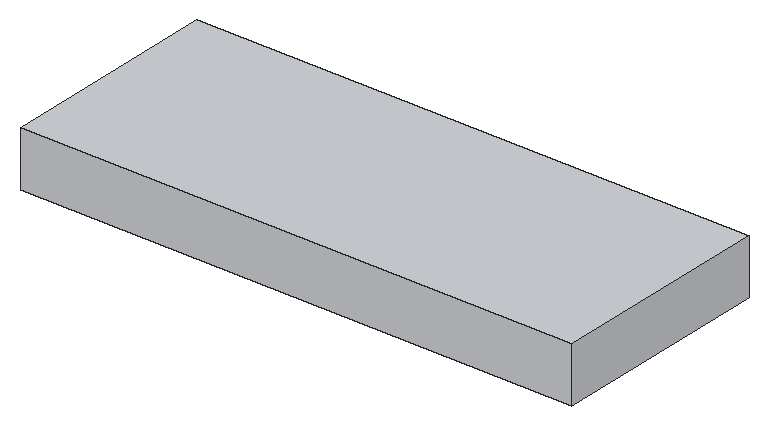
Revit family "電線管用ファミリ(片側のみ)_20", category Electrical Fixtures, Revit 2021
Family settings
  Maintain Annotation Orientation = No
  Round Connector Dimension = Use Diameter
  Part Type = Normal
  OmniClass Number = 23.80.00.00
  OmniClass Title = Electric Power and Lighting
  Work Plane-Based = No
  Always vertical = Yes
  Cut with Voids When Loaded = No
  Shared = No
  Room Calculation Point = No
Parameters
  コネクタ直径 [instance] = 16 mm
  W [instance] = 500 mm
  Default Elevation = 0 mm
  D [instance] = 200 mm
Reference planes
  plane 1 "Center (Front/Back)": y = 0
  plane 2: z = 0
  plane 3 "Center (Left/Right)": x = 0
  plane 4: x = -250
  plane 5: x = 250
  plane 6: y = 100
  plane 7: y = -100
  plane 8: z = 50
Forms (mm)
  Extrusion 1, solid
    sketch origin (0, 0, 0) x (1, 0, 0) y (0, 1, 0)
      loop
        line (-250, 100) -> (-250, -100) -> (250, -100) -> (250, 100) -> (-250, 100)
    from 0 to 50
Dimensions and locks
  equal spacing: plane 4, plane 3 "Center (Left/Right)", plane 5
  "W": plane 4 to plane 5
  equal spacing: plane 6, plane 1 "Center (Front/Back)", plane 7
  "D": plane 6 to plane 7
  aligned and locked: level to plane 2
  aligned and locked: plane 8 to Extrusion 1
Automatic sketch dimensions
  Extrusion 1 sketch curve to plane 4 = 0 mm
  Extrusion 1 sketch curve to plane 5 = 0 mm
  Extrusion 1 sketch curve to plane 7 = 0 mm
  Extrusion 1 sketch curve to plane 6 = 0 mm
Connectors
  cabletrayconduit at (0, 0, 50), diameter 16
    settings: on Extrusion 1, index 1, connector width 300 mm, connector height 300 mm, connector angle 0.00°, system type 32, placement type 0, profile type 0, connector reference index -1, is primary connector yes, connector utility param no, connector description ""
